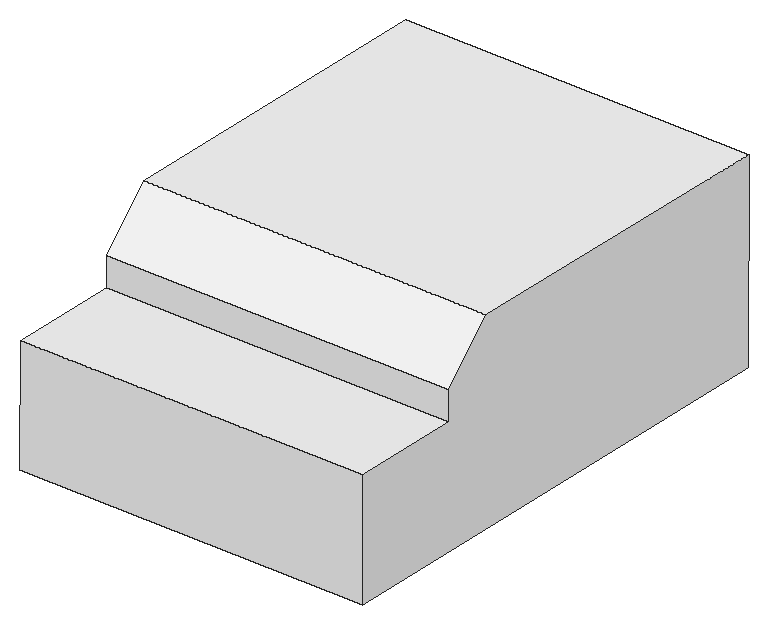
Revit family "Specialty_Equipment-Metal_Raceway-Hubbell_Wiring-Entrance_End_Fitting_Undivided-HBL4710", category Specialty Equipment, host Face, Revit 2015
Parameters (values of type "HBL4710IV - Ivory")
  URL = "http://www.hubbell-wiring.com/"
  Product data url = "https://bimobject.com/hubbellwiring/product/hubbell-metal-raceway-hbl4750"
  Product Page URL = "http://ecatalog.hubbell-wiring.com/ProductInformation/ViewCatalog.aspx?Dest=hubbell-wiring.com/press/catalog/o.pdf&Page=21"
  Product Documentation Link = "http://www.hubbell-wiring.com/press/pdfs/h5233r08.pdf"
  Model = "HBL4710IV"
  Manufacturer = "Hubbell-Wiring"  # constant formula
  Host Note = "Add in Section View; Host to Wall"  # constant formula
  Description = "Entrance End Fitting UnDivided"  # constant formula
  Default Elevation = 0' - 0"
  Cable Tray Material = Metal-Hubbell-Ivory Powder Coat
  Assembly Code = "D5090900"
Types (3): name | Model | Cable Tray Material
  (no name) | "HBL4710IV" | Metal-Hubbell-Ivory Powder Coat
  HBL4710GY - Gray | "HBL4710GY" | Metal-Hubbell-Gray Powder Coat
  HBL4710IV - Ivory | "HBL4710IV" | Metal-Hubbell-Ivory Powder Coat
Reference planes (in)
  plane 1 "Back": y = 0
  plane 2 "Wall": z = 0
  plane 3 "Left": x = 0
  plane 4 "Front": y = -6.76
  plane 5 "Top": through (0, 6.56024, 2.65519) normal (0, 0.0002, 1)
  plane 6 "Top of Channel": z = 1.61464
  plane 7 "Right": x = 4.75
  plane 8 "Center": x = 2.375
  plane 9: x = 1.1875
  plane 10: x = 3.5625
  plane 11: y = -0.0625
  plane 12: x = 3.5625
  plane 13: x = 1.1875
  plane 14: x = 1.1875
  plane 15: x = 3.5625
Forms (in)
  Extrusion 1, solid, material "Metal-Hubbell-Ivory Powder Coat" <- "Cable Tray Material"
    sketch origin (0, 0, 0) x (0, 1, 0) y (0, 0, 1)
      loop
        line (-5.26, 2.0075) -> (-5.26, 1.61464) -> (-6.76, 1.61464) -> (-6.76, 0) -> (-0.0625, 0) -> (-0.0625, 2.65661) -> (-4.60992, 2.65758) -> (-5.26, 2.0075)
    from 0 to 4.75
  Extrusion 2, solid, material "Metal-Hubbell-Ivory Powder Coat" <- "Cable Tray Material"
    sketch origin (0, 0, 0) x (1, 0, 0) y (0, 0, 1)
      loop
        circle (1.1875, 0.96288) r 0.75
    from 0 to 0.0625
  Extrusion 3, solid, material "Metal-Hubbell-Ivory Powder Coat" <- "Cable Tray Material"
    sketch origin (4.75, 0, 0) x (-1, 0, 0) y (0, 0, -1)
      loop
        circle (1.1875, -0.96288) r 0.75
    from 0 to 0.0625
Cuts and joins
  joined: Extrusion 1, Extrusion 2, Extrusion 3
Lines and regions (in)
  Masking region 1
    outline origin (0, 0, 0) x (0, 1, 0) y (0, 0, 1)
      loop
        line (-4.60992, 2.65758) -> (-5.26, 2.0075) -> (-5.26, 1.61464) -> (-6.76, 1.61464) -> (-6.76, 0) -> (-0.0625, 0) -> (-0.0625, 0.21288) -> (0, 0.21288) -> (0, 1.71288) -> (-0.0625, 1.71288) -> (-0.0625, 2.65661) -> (-4.60992, 2.65758)
Dimensions and locks (in)
  locked: plane 1 "Back" to plane 4 "Front" at 6.76
  locked: plane 7 "Right" to plane 3 "Left" at 4.75
  locked: plane 6 "Top of Channel" to host face at 1.61464
  locked: plane 11 to plane 1 "Back" at 0.0625
  aligned and locked: plane 2 "Wall" to host face
  aligned and locked: level to host face
  aligned and locked: plane 5 "Top" to Extrusion 1
  aligned and locked: Extrusion 1 to plane 4 "Front"  (x2)
  aligned and locked: Extrusion 1 to plane 2 "Wall"
  aligned and locked: Extrusion 1 to plane 3 "Left"
  aligned and locked: plane 7 "Right" to Extrusion 1
  aligned and locked: Extrusion 1 to plane 6 "Top of Channel"
  aligned and locked: Extrusion 2 to plane 1 "Back"
  aligned and locked: Extrusion 2 to plane 11
  aligned and locked: plane 11 to Extrusion 1
  aligned and locked: Extrusion 3 to plane 1 "Back"
  aligned and locked: Extrusion 3 to plane 11
  aligned and locked: Extrusion 1 to plane 11
  aligned and locked: Masking region 1 sketch curve to cut or joined group of Extrusion 1, Extrusion 2, Extrusion 3  (x8)
  aligned and locked: cut or joined group of Extrusion 1, Extrusion 2, Extrusion 3 to plane 1 "Back"  (x2)
  aligned and locked: plane 9 to Extrusion 2 sketch curve
  aligned and locked: plane 14 to Extrusion 2 sketch curve
  aligned and locked: plane 15 to Extrusion 3 sketch curve
  aligned and locked: plane 11 to cut or joined group of Extrusion 1, Extrusion 2, Extrusion 3
  aligned and locked: plane 1 "Back" to cut or joined group of Extrusion 1, Extrusion 2, Extrusion 3
  aligned and locked: cut or joined group of Extrusion 1, Extrusion 2, Extrusion 3 to plane 11
